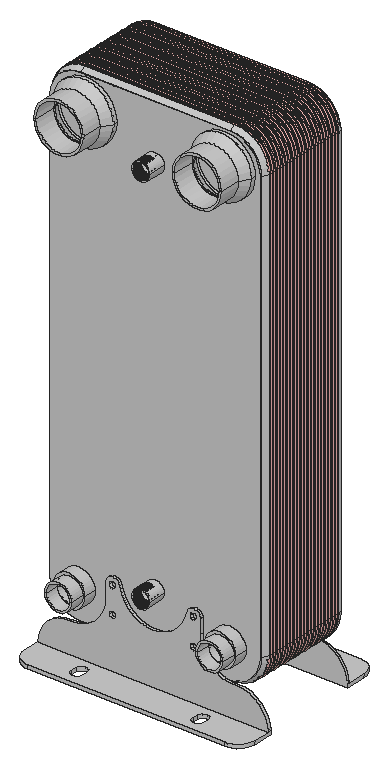
Revit family "MIT MB-11HDQ - Brazed Heat Exchanger", category Specialty Equipment, Revit 2022 (continued)
Forms (mm)
  Sweep 69, solid, material "Stainless Steel 304/316L (Copper Covered)", detail levels fine
    path in 3D
      loop
        arc (111, 135.89, 786.024) -> (146.355, 135.89, 771.38) -> (161, 135.89, 736.024) r 50
        line (161, 135.89, 736.024) -> (161, 135.89, 97.024)
        arc (161, 135.89, 97.024) -> (146.355, 135.89, 61.669) -> (111, 135.89, 47.024) r 50
        line (111, 135.89, 47.024) -> (-110.998, 135.89, 47.024)
        arc (-110.998, 135.89, 47.024) -> (-146.353, 135.89, 61.669) -> (-160.998, 135.89, 97.024) r 50
        line (-160.998, 135.89, 97.024) -> (-160.998, 135.89, 736.024)
        arc (-160.998, 135.89, 736.024) -> (-146.353, 135.89, 771.38) -> (-110.998, 135.89, 786.024) r 50
        line (-110.998, 135.89, 786.024) -> (111, 135.89, 786.024)
    profile origin (0.001, 135.89, 786.024) x (0, 1, 0) y (0, 0, 1)
      loop
        line (2.61, 0) -> (0, -0.46) -> (0, -1.46) -> (2.61, -1.46) -> (2.61, 0)
  Extrusion 70, solid, material "Stainless Steel 304/316L", detail levels medium+fine
    sketch origin (0, 0, 0) x (1, 0, 0) y (0, 0, 1)
      loop
        arc (159.54, 736.024) -> (145.323, 770.347) -> (111, 784.564) r 48.54
        line (111, 784.564) -> (-110.998, 784.564)
        arc (-110.998, 784.564) -> (-145.321, 770.347) -> (-159.538, 736.024) r 48.54
        line (-159.538, 736.024) -> (-159.538, 97.024)
        arc (-159.538, 97.024) -> (-145.321, 62.701) -> (-110.998, 48.485) r 48.54
        line (-110.998, 48.485) -> (111, 48.485)
        arc (111, 48.485) -> (145.323, 62.701) -> (159.54, 97.024) r 48.54
        line (159.54, 97.024) -> (159.54, 736.024)
    from -136.47 to -8
  Extrusion 71, solid, material "Stainless Steel 304/316L", detail levels medium+fine
    sketch origin (-170.23, 141.11, 4000) x (-1, 0, 0) y (0, 0, 1)
      loop
        arc (-282.691, -3215.436) -> (-317.014, -3229.653) -> (-331.23, -3263.976) r 48.54
        line (-331.23, -3263.976) -> (-331.23, -3902.976)
        arc (-331.23, -3902.976) -> (-316.586, -3938.331) -> (-281.23, -3952.976) r 50
        line (-281.23, -3952.976) -> (-59.233, -3952.976)
        arc (-59.233, -3952.976) -> (-23.877, -3938.331) -> (-9.233, -3902.976) r 50
        line (-9.233, -3902.976) -> (-9.233, -3263.976)
        arc (-9.233, -3263.976) -> (-23.45, -3229.653) -> (-57.772, -3215.436) r 48.54
        line (-57.772, -3215.436) -> (-282.691, -3215.436)
    from -2.61 to 0
  Extrusion 72, solid, material "Stainless Steel 304/316L (Copper Covered)", detail levels medium
    sketch origin (0, 0, 0) x (1, 0, 0) y (0, 0, 1)
      loop
        line (111, 786.024) -> (-110.998, 786.024)
        arc (-110.998, 786.024) -> (-146.353, 771.38) -> (-160.998, 736.024) r 50
        line (-160.998, 736.024) -> (-160.998, 97.024)
        arc (-160.998, 97.024) -> (-146.353, 61.669) -> (-110.998, 47.024) r 50
        line (-110.998, 47.024) -> (111, 47.024)
        arc (111, 47.024) -> (146.355, 61.669) -> (161, 97.024) r 50
        line (161, 97.024) -> (161, 736.024)
        arc (161, 736.024) -> (146.355, 771.38) -> (111, 786.024) r 50
    from -138.5 to -8
  Extrusion 73, solid, material "Stainless Steel 304/316L", detail levels medium+fine
    sketch origin (-170.23, 141.11, 4000) x (-1, 0, 0) y (0, 0, 1)
      loop
        arc (-293.388, -3950.09) -> (-327.029, -3962.191) -> (-341.23, -3995) r 45
        line (-341.23, -3995) -> (-341.23, -4000) -> (0.77, -4000) -> (0.77, -3995)
        arc (0.77, -3995) -> (-13.432, -3962.191) -> (-47.073, -3950.09) r 45
        arc (-47.073, -3950.09) -> (-84.451, -3936.644) -> (-100.23, -3900.19) r 50
        line (-100.23, -3900.19) -> (-100.23, -3880)
        arc (-100.23, -3880) -> (-109.205, -3870.053) -> (-120.02, -3877.96) r 10
        arc (-120.02, -3877.96) -> (-170.23, -3918.788) -> (-220.441, -3877.96) r 51.288
        arc (-220.441, -3877.96) -> (-231.256, -3870.053) -> (-240.23, -3880) r 10
        line (-240.23, -3880) -> (-240.23, -3900.19)
        arc (-240.23, -3900.19) -> (-256.01, -3936.644) -> (-293.388, -3950.09) r 50
      loop
        circle (-230.23, -3880) r 5
      loop
        circle (-230.23, -3920) r 5
      loop
        circle (-110.23, -3880) r 5
      loop
        circle (-110.23, -3920) r 5
    from 0 to 2
  Extrusion 74, solid, material "Stainless Steel 304/316L", detail levels medium+fine
    sketch origin (-170.23, 143.11, 4000) x (-1, 0, 0) y (0, 0, 1)
      loop
        line (-341.23, -4000) -> (0.77, -4000) -> (0.77, -3995) -> (-341.23, -3995) -> (-341.23, -4000)
    from 0 to 54
  Extrusion 75, void
    sketch origin (0, 0, 700.5) x (-1, 0, 0) y (0, -1, 0)
      loop
        line (171, -172.11) -> (171, -143.11) -> (-171, -143.11) -> (-171, -172.11)
        arc (-171, -172.11) -> (-163.678, -189.788) -> (-146, -197.11) r 25
        line (-146, -197.11) -> (146, -197.11)
        arc (146, -197.11) -> (163.678, -189.788) -> (171, -172.11) r 25
      loop
        line (98.5, -177.54) -> (98.5, -169.54)
        arc (98.5, -169.54) -> (90, -161.04) -> (81.5, -169.54) r 8.5
        line (81.5, -169.54) -> (81.5, -177.54)
        arc (81.5, -177.54) -> (90, -186.04) -> (98.5, -177.54) r 8.5
      loop
        line (-81.5, -177.54) -> (-81.5, -169.54)
        arc (-81.5, -169.54) -> (-90, -161.04) -> (-98.5, -169.54) r 8.5
        line (-98.5, -169.54) -> (-98.5, -177.54)
        arc (-98.5, -177.54) -> (-90, -186.04) -> (-81.5, -177.54) r 8.5
      loop
        line (184.732, -202.11) -> (184.732, -138.5) -> (-181.716, -138.5) -> (-181.716, -202.11) -> (184.732, -202.11)
    from -700.5 to -695.5
  Extrusion 76, solid, material "Stainless Steel 304/316L", detail levels coarse
    sketch origin (0, 0, 0) x (1, 0, 0) y (0, 0, 1)
      loop
        line (-160.998, 47.024) -> (161, 47.024) -> (161, 786.024) -> (-160.998, 786.024) -> (-160.998, 47.024)
    from 0 to -8
  Extrusion 77, solid, material "Stainless Steel 304/316L (Copper Covered)", detail levels coarse
    sketch origin (0, 0, 0) x (1, 0, 0) y (0, 0, 1)
      loop
        line (161, 786.024) -> (-160.998, 786.024) -> (-160.998, 47.024) -> (161, 47.024) -> (161, 786.024)
    from -8 to -141.11
  Extrusion 78, solid, material "Stainless Steel 304/316L", detail levels coarse
    sketch origin (0, 141.11, 0) x (-1, 0, 0) y (0, 0, 1)
      loop
        line (175.401, 0) -> (61.025, 129.947) -> (38.082, 97.181) -> (0, 81.212) -> (-38.082, 97.181) -> (-61.025, 129.947) -> (-175.401, 0) -> (175.401, 0)
    from 0 to 56
  Extrusion 79, solid, material "Stainless Steel 304/316L", detail levels coarse
    sketch origin (0, 0, 0) x (1, 0, 0) y (0, 0, 1)
      loop
        line (-131.713, 49.636) -> (-175.401, 0) -> (175.401, 0) -> (131.713, 49.636) -> (85.779, 63.356) -> (61.025, 129.947) -> (0, 81.212) -> (-61.025, 129.947) -> (-85.779, 63.356) -> (-131.713, 49.636)
    from 0 to 55
Cuts and joins
  joined: Sweep 2, Extrusion 3
  joined: Extrusion 10, Extrusion 11
  Extrusion 75 cuts Extrusion 74
  joined: Extrusion 73, Extrusion 74
Lines and regions (mm)
  sketch lines
    curve 1: line (-110.998, 8, 786.024) -> (111, 8, 786.024)
    curve 2: arc (-110.998, 8, 786.024) -> (-146.353, 8, 771.38) -> (-160.998, 8, 736.024) r 50
    curve 3: line (-160.998, 8, 97.024) -> (-160.998, 8, 736.024)
    curve 4: arc (161, 8, 736.024) -> (146.355, 8, 771.38) -> (111, 8, 786.024) r 50
    curve 5: line (161, 8, 736.024) -> (161, 8, 97.024)
    curve 6: arc (111, 8, 47.024) -> (146.355, 8, 61.669) -> (161, 8, 97.024) r 50
    curve 7: line (111, 8, 47.024) -> (-110.998, 8, 47.024)
    curve 8: arc (-160.998, 8, 97.024) -> (-146.353, 8, 61.669) -> (-110.998, 8, 47.024) r 50
    curve 9: line (-110.998, 8, 786.024) -> (111, 8, 786.024)
    curve 10: arc (-110.998, 8, 786.024) -> (-146.353, 8, 771.38) -> (-160.998, 8, 736.024) r 50
    curve 11: arc (161, 8, 736.024) -> (146.355, 8, 771.38) -> (111, 8, 786.024) r 50
    curve 12: line (161, 8, 736.024) -> (161, 8, 97.024)
    curve 13: line (-160.998, 8, 97.024) -> (-160.998, 8, 736.024)
    curve 14: arc (-160.998, 8, 97.024) -> (-146.353, 8, 61.669) -> (-110.998, 8, 47.024) r 50
    curve 15: line (111, 8, 47.024) -> (-110.998, 8, 47.024)
    curve 16: arc (111, 8, 47.024) -> (146.355, 8, 61.669) -> (161, 8, 97.024) r 50
    curve 17: line (-110.998, 10.61, 786.024) -> (111, 10.61, 786.024)
    curve 18: arc (-110.998, 10.61, 786.024) -> (-146.353, 10.61, 771.38) -> (-160.998, 10.61, 736.024) r 50
    curve 19: arc (161, 10.61, 736.024) -> (146.355, 10.61, 771.38) -> (111, 10.61, 786.024) r 50
    curve 20: line (161, 10.61, 736.024) -> (161, 10.61, 97.024)
    curve 21: line (-160.998, 10.61, 97.024) -> (-160.998, 10.61, 736.024)
    curve 22: arc (-160.998, 10.61, 97.024) -> (-146.353, 10.61, 61.669) -> (-110.998, 10.61, 47.024) r 50
    curve 23: line (111, 10.61, 47.024) -> (-110.998, 10.61, 47.024)
    curve 24: arc (111, 10.61, 47.024) -> (146.355, 10.61, 61.669) -> (161, 10.61, 97.024) r 50
    curve 25: line (-110.998, 13.22, 786.024) -> (111, 13.22, 786.024)
    curve 26: arc (-110.998, 13.22, 786.024) -> (-146.353, 13.22, 771.38) -> (-160.998, 13.22, 736.024) r 50
    curve 27: arc (161, 13.22, 736.024) -> (146.355, 13.22, 771.38) -> (111, 13.22, 786.024) r 50
    curve 28: line (161, 13.22, 736.024) -> (161, 13.22, 97.024)
    curve 29: line (-160.998, 13.22, 97.024) -> (-160.998, 13.22, 736.024)
    curve 30: arc (-160.998, 13.22, 97.024) -> (-146.353, 13.22, 61.669) -> (-110.998, 13.22, 47.024) r 50
    curve 31: line (111, 13.22, 47.024) -> (-110.998, 13.22, 47.024)
    curve 32: arc (111, 13.22, 47.024) -> (146.355, 13.22, 61.669) -> (161, 13.22, 97.024) r 50
    curve 33: line (-110.998, 15.83, 786.024) -> (111, 15.83, 786.024)
    curve 34: arc (-110.998, 15.83, 786.024) -> (-146.353, 15.83, 771.38) -> (-160.998, 15.83, 736.024) r 50
    curve 35: arc (161, 15.83, 736.024) -> (146.355, 15.83, 771.38) -> (111, 15.83, 786.024) r 50
    curve 36: line (161, 15.83, 736.024) -> (161, 15.83, 97.024)
    curve 37: line (-160.998, 15.83, 97.024) -> (-160.998, 15.83, 736.024)
    curve 38: arc (-160.998, 15.83, 97.024) -> (-146.353, 15.83, 61.669) -> (-110.998, 15.83, 47.024) r 50
    curve 39: line (111, 15.83, 47.024) -> (-110.998, 15.83, 47.024)
    curve 40: arc (111, 15.83, 47.024) -> (146.355, 15.83, 61.669) -> (161, 15.83, 97.024) r 50
    curve 41: line (-110.998, 18.44, 786.024) -> (111, 18.44, 786.024)
    curve 42: arc (-110.998, 18.44, 786.024) -> (-146.353, 18.44, 771.38) -> (-160.998, 18.44, 736.024) r 50
    curve 43: arc (161, 18.44, 736.024) -> (146.355, 18.44, 771.38) -> (111, 18.44, 786.024) r 50
    curve 44: line (161, 18.44, 736.024) -> (161, 18.44, 97.024)
    curve 45: line (-160.998, 18.44, 97.024) -> (-160.998, 18.44, 736.024)
    curve 46: arc (-160.998, 18.44, 97.024) -> (-146.353, 18.44, 61.669) -> (-110.998, 18.44, 47.024) r 50
    curve 47: line (111, 18.44, 47.024) -> (-110.998, 18.44, 47.024)
    curve 48: arc (111, 18.44, 47.024) -> (146.355, 18.44, 61.669) -> (161, 18.44, 97.024) r 50
    curve 49: line (-110.998, 21.05, 786.024) -> (111, 21.05, 786.024)
    curve 50: arc (-110.998, 21.05, 786.024) -> (-146.353, 21.05, 771.38) -> (-160.998, 21.05, 736.024) r 50
    curve 51: arc (161, 21.05, 736.024) -> (146.355, 21.05, 771.38) -> (111, 21.05, 786.024) r 50
    curve 52: line (161, 21.05, 736.024) -> (161, 21.05, 97.024)
    curve 53: line (-160.998, 21.05, 97.024) -> (-160.998, 21.05, 736.024)
    curve 54: arc (-160.998, 21.05, 97.024) -> (-146.353, 21.05, 61.669) -> (-110.998, 21.05, 47.024) r 50
    curve 55: line (111, 21.05, 47.024) -> (-110.998, 21.05, 47.024)
    curve 56: arc (111, 21.05, 47.024) -> (146.355, 21.05, 61.669) -> (161, 21.05, 97.024) r 50
    curve 57: line (-110.998, 23.66, 786.024) -> (111, 23.66, 786.024)
    curve 58: arc (-110.998, 23.66, 786.024) -> (-146.353, 23.66, 771.38) -> (-160.998, 23.66, 736.024) r 50
    curve 59: arc (161, 23.66, 736.024) -> (146.355, 23.66, 771.38) -> (111, 23.66, 786.024) r 50
    curve 60: line (161, 23.66, 736.024) -> (161, 23.66, 97.024)
    curve 61: line (-160.998, 23.66, 97.024) -> (-160.998, 23.66, 736.024)
    curve 62: arc (-160.998, 23.66, 97.024) -> (-146.353, 23.66, 61.669) -> (-110.998, 23.66, 47.024) r 50
    curve 63: line (111, 23.66, 47.024) -> (-110.998, 23.66, 47.024)
    curve 64: arc (111, 23.66, 47.024) -> (146.355, 23.66, 61.669) -> (161, 23.66, 97.024) r 50
    curve 65: line (-110.998, 26.27, 786.024) -> (111, 26.27, 786.024)
    curve 66: arc (-110.998, 26.27, 786.024) -> (-146.353, 26.27, 771.38) -> (-160.998, 26.27, 736.024) r 50
    curve 67: arc (161, 26.27, 736.024) -> (146.355, 26.27, 771.38) -> (111, 26.27, 786.024) r 50
    curve 68: line (161, 26.27, 736.024) -> (161, 26.27, 97.024)
    curve 69: line (-160.998, 26.27, 97.024) -> (-160.998, 26.27, 736.024)
    curve 70: arc (-160.998, 26.27, 97.024) -> (-146.353, 26.27, 61.669) -> (-110.998, 26.27, 47.024) r 50
    curve 71: line (111, 26.27, 47.024) -> (-110.998, 26.27, 47.024)
    curve 72: arc (111, 26.27, 47.024) -> (146.355, 26.27, 61.669) -> (161, 26.27, 97.024) r 50
    curve 73: line (-110.998, 28.88, 786.024) -> (111, 28.88, 786.024)
    curve 74: arc (-110.998, 28.88, 786.024) -> (-146.353, 28.88, 771.38) -> (-160.998, 28.88, 736.024) r 50
    curve 75: arc (161, 28.88, 736.024) -> (146.355, 28.88, 771.38) -> (111, 28.88, 786.024) r 50
    curve 76: line (161, 28.88, 736.024) -> (161, 28.88, 97.024)
    curve 77: line (-160.998, 28.88, 97.024) -> (-160.998, 28.88, 736.024)
    curve 78: arc (-160.998, 28.88, 97.024) -> (-146.353, 28.88, 61.669) -> (-110.998, 28.88, 47.024) r 50
    curve 79: line (111, 28.88, 47.024) -> (-110.998, 28.88, 47.024)
    curve 80: arc (111, 28.88, 47.024) -> (146.355, 28.88, 61.669) -> (161, 28.88, 97.024) r 50
    curve 81: line (-110.998, 31.49, 786.024) -> (111, 31.49, 786.024)
    curve 82: arc (-110.998, 31.49, 786.024) -> (-146.353, 31.49, 771.38) -> (-160.998, 31.49, 736.024) r 50
    curve 83: arc (161, 31.49, 736.024) -> (146.355, 31.49, 771.38) -> (111, 31.49, 786.024) r 50
    curve 84: line (161, 31.49, 736.024) -> (161, 31.49, 97.024)
    curve 85: line (-160.998, 31.49, 97.024) -> (-160.998, 31.49, 736.024)
    curve 86: arc (-160.998, 31.49, 97.024) -> (-146.353, 31.49, 61.669) -> (-110.998, 31.49, 47.024) r 50
    curve 87: line (111, 31.49, 47.024) -> (-110.998, 31.49, 47.024)
    curve 88: arc (111, 31.49, 47.024) -> (146.355, 31.49, 61.669) -> (161, 31.49, 97.024) r 50
    curve 89: line (-110.998, 34.1, 786.024) -> (111, 34.1, 786.024)
    curve 90: arc (-110.998, 34.1, 786.024) -> (-146.353, 34.1, 771.38) -> (-160.998, 34.1, 736.024) r 50
    curve 91: arc (161, 34.1, 736.024) -> (146.355, 34.1, 771.38) -> (111, 34.1, 786.024) r 50
    curve 92: line (161, 34.1, 736.024) -> (161, 34.1, 97.024)
    curve 93: line (-160.998, 34.1, 97.024) -> (-160.998, 34.1, 736.024)
    curve 94: arc (-160.998, 34.1, 97.024) -> (-146.353, 34.1, 61.669) -> (-110.998, 34.1, 47.024) r 50
    curve 95: line (111, 34.1, 47.024) -> (-110.998, 34.1, 47.024)
    curve 96: arc (111, 34.1, 47.024) -> (146.355, 34.1, 61.669) -> (161, 34.1, 97.024) r 50
    curve 97: line (-110.998, 36.71, 786.024) -> (111, 36.71, 786.024)
    curve 98: arc (-110.998, 36.71, 786.024) -> (-146.353, 36.71, 771.38) -> (-160.998, 36.71, 736.024) r 50
    curve 99: arc (161, 36.71, 736.024) -> (146.355, 36.71, 771.38) -> (111, 36.71, 786.024) r 50
    curve 100: line (161, 36.71, 736.024) -> (161, 36.71, 97.024)
    curve 101: line (-160.998, 36.71, 97.024) -> (-160.998, 36.71, 736.024)
    curve 102: arc (-160.998, 36.71, 97.024) -> (-146.353, 36.71, 61.669) -> (-110.998, 36.71, 47.024) r 50
    curve 103: line (111, 36.71, 47.024) -> (-110.998, 36.71, 47.024)
    curve 104: arc (111, 36.71, 47.024) -> (146.355, 36.71, 61.669) -> (161, 36.71, 97.024) r 50
    curve 105: line (-110.998, 39.32, 786.024) -> (111, 39.32, 786.024)
    curve 106: arc (-110.998, 39.32, 786.024) -> (-146.353, 39.32, 771.38) -> (-160.998, 39.32, 736.024) r 50
    curve 107: arc (161, 39.32, 736.024) -> (146.355, 39.32, 771.38) -> (111, 39.32, 786.024) r 50
    curve 108: line (161, 39.32, 736.024) -> (161, 39.32, 97.024)
    curve 109: line (-160.998, 39.32, 97.024) -> (-160.998, 39.32, 736.024)
    curve 110: arc (-160.998, 39.32, 97.024) -> (-146.353, 39.32, 61.669) -> (-110.998, 39.32, 47.024) r 50
    curve 111: line (111, 39.32, 47.024) -> (-110.998, 39.32, 47.024)
    curve 112: arc (111, 39.32, 47.024) -> (146.355, 39.32, 61.669) -> (161, 39.32, 97.024) r 50
    curve 113: line (-110.998, 41.93, 786.024) -> (111, 41.93, 786.024)
    curve 114: arc (-110.998, 41.93, 786.024) -> (-146.353, 41.93, 771.38) -> (-160.998, 41.93, 736.024) r 50
    curve 115: arc (161, 41.93, 736.024) -> (146.355, 41.93, 771.38) -> (111, 41.93, 786.024) r 50
    curve 116: line (161, 41.93, 736.024) -> (161, 41.93, 97.024)
    curve 117: line (-160.998, 41.93, 97.024) -> (-160.998, 41.93, 736.024)
    curve 118: arc (-160.998, 41.93, 97.024) -> (-146.353, 41.93, 61.669) -> (-110.998, 41.93, 47.024) r 50
    curve 119: line (111, 41.93, 47.024) -> (-110.998, 41.93, 47.024)
    curve 120: arc (111, 41.93, 47.024) -> (146.355, 41.93, 61.669) -> (161, 41.93, 97.024) r 50
    curve 121: line (-110.998, 44.54, 786.024) -> (111, 44.54, 786.024)
    curve 122: arc (-110.998, 44.54, 786.024) -> (-146.353, 44.54, 771.38) -> (-160.998, 44.54, 736.024) r 50
    curve 123: arc (161, 44.54, 736.024) -> (146.355, 44.54, 771.38) -> (111, 44.54, 786.024) r 50
    curve 124: line (161, 44.54, 736.024) -> (161, 44.54, 97.024)
    curve 125: line (-160.998, 44.54, 97.024) -> (-160.998, 44.54, 736.024)
    curve 126: arc (-160.998, 44.54, 97.024) -> (-146.353, 44.54, 61.669) -> (-110.998, 44.54, 47.024) r 50
    curve 127: line (111, 44.54, 47.024) -> (-110.998, 44.54, 47.024)
    curve 128: arc (111, 44.54, 47.024) -> (146.355, 44.54, 61.669) -> (161, 44.54, 97.024) r 50
    curve 129: line (-110.998, 47.15, 786.024) -> (111, 47.15, 786.024)
    curve 130: arc (-110.998, 47.15, 786.024) -> (-146.353, 47.15, 771.38) -> (-160.998, 47.15, 736.024) r 50
    curve 131: arc (161, 47.15, 736.024) -> (146.355, 47.15, 771.38) -> (111, 47.15, 786.024) r 50
    curve 132: line (161, 47.15, 736.024) -> (161, 47.15, 97.024)
    curve 133: line (-160.998, 47.15, 97.024) -> (-160.998, 47.15, 736.024)
    curve 134: arc (-160.998, 47.15, 97.024) -> (-146.353, 47.15, 61.669) -> (-110.998, 47.15, 47.024) r 50
    curve 135: line (111, 47.15, 47.024) -> (-110.998, 47.15, 47.024)
    curve 136: arc (111, 47.15, 47.024) -> (146.355, 47.15, 61.669) -> (161, 47.15, 97.024) r 50
    curve 137: line (-110.998, 49.76, 786.024) -> (111, 49.76, 786.024)
    curve 138: arc (-110.998, 49.76, 786.024) -> (-146.353, 49.76, 771.38) -> (-160.998, 49.76, 736.024) r 50
    curve 139: arc (161, 49.76, 736.024) -> (146.355, 49.76, 771.38) -> (111, 49.76, 786.024) r 50
    curve 140: line (161, 49.76, 736.024) -> (161, 49.76, 97.024)
    curve 141: line (-160.998, 49.76, 97.024) -> (-160.998, 49.76, 736.024)
    curve 142: arc (-160.998, 49.76, 97.024) -> (-146.353, 49.76, 61.669) -> (-110.998, 49.76, 47.024) r 50
    curve 143: line (111, 49.76, 47.024) -> (-110.998, 49.76, 47.024)
    curve 144: arc (111, 49.76, 47.024) -> (146.355, 49.76, 61.669) -> (161, 49.76, 97.024) r 50
    curve 145: line (-110.998, 52.37, 786.024) -> (111, 52.37, 786.024)
    curve 146: arc (-110.998, 52.37, 786.024) -> (-146.353, 52.37, 771.38) -> (-160.998, 52.37, 736.024) r 50
    curve 147: arc (161, 52.37, 736.024) -> (146.355, 52.37, 771.38) -> (111, 52.37, 786.024) r 50
    curve 148: line (161, 52.37, 736.024) -> (161, 52.37, 97.024)
    curve 149: line (-160.998, 52.37, 97.024) -> (-160.998, 52.37, 736.024)
    curve 150: arc (-160.998, 52.37, 97.024) -> (-146.353, 52.37, 61.669) -> (-110.998, 52.37, 47.024) r 50
    curve 151: line (111, 52.37, 47.024) -> (-110.998, 52.37, 47.024)
    curve 152: arc (111, 52.37, 47.024) -> (146.355, 52.37, 61.669) -> (161, 52.37, 97.024) r 50
    curve 153: line (-110.998, 54.98, 786.024) -> (111, 54.98, 786.024)
    curve 154: arc (-110.998, 54.98, 786.024) -> (-146.353, 54.98, 771.38) -> (-160.998, 54.98, 736.024) r 50
    curve 155: arc (161, 54.98, 736.024) -> (146.355, 54.98, 771.38) -> (111, 54.98, 786.024) r 50
    curve 156: line (161, 54.98, 736.024) -> (161, 54.98, 97.024)
    curve 157: line (-160.998, 54.98, 97.024) -> (-160.998, 54.98, 736.024)
    curve 158: arc (-160.998, 54.98, 97.024) -> (-146.353, 54.98, 61.669) -> (-110.998, 54.98, 47.024) r 50
    curve 159: line (111, 54.98, 47.024) -> (-110.998, 54.98, 47.024)
    curve 160: arc (111, 54.98, 47.024) -> (146.355, 54.98, 61.669) -> (161, 54.98, 97.024) r 50
    curve 161: line (-110.998, 57.59, 786.024) -> (111, 57.59, 786.024)
    curve 162: arc (-110.998, 57.59, 786.024) -> (-146.353, 57.59, 771.38) -> (-160.998, 57.59, 736.024) r 50
    curve 163: arc (161, 57.59, 736.024) -> (146.355, 57.59, 771.38) -> (111, 57.59, 786.024) r 50
    curve 164: line (161, 57.59, 736.024) -> (161, 57.59, 97.024)
    curve 165: line (-160.998, 57.59, 97.024) -> (-160.998, 57.59, 736.024)
    curve 166: arc (-160.998, 57.59, 97.024) -> (-146.353, 57.59, 61.669) -> (-110.998, 57.59, 47.024) r 50
    curve 167: line (111, 57.59, 47.024) -> (-110.998, 57.59, 47.024)
    curve 168: arc (111, 57.59, 47.024) -> (146.355, 57.59, 61.669) -> (161, 57.59, 97.024) r 50
    curve 169: line (-110.998, 60.2, 786.024) -> (111, 60.2, 786.024)
    curve 170: arc (-110.998, 60.2, 786.024) -> (-146.353, 60.2, 771.38) -> (-160.998, 60.2, 736.024) r 50
    curve 171: arc (161, 60.2, 736.024) -> (146.355, 60.2, 771.38) -> (111, 60.2, 786.024) r 50
    curve 172: line (161, 60.2, 736.024) -> (161, 60.2, 97.024)
    curve 173: line (-160.998, 60.2, 97.024) -> (-160.998, 60.2, 736.024)
    curve 174: arc (-160.998, 60.2, 97.024) -> (-146.353, 60.2, 61.669) -> (-110.998, 60.2, 47.024) r 50
    curve 175: line (111, 60.2, 47.024) -> (-110.998, 60.2, 47.024)
    curve 176: arc (111, 60.2, 47.024) -> (146.355, 60.2, 61.669) -> (161, 60.2, 97.024) r 50
    curve 177: line (-110.998, 62.81, 786.024) -> (111, 62.81, 786.024)
    curve 178: arc (-110.998, 62.81, 786.024) -> (-146.353, 62.81, 771.38) -> (-160.998, 62.81, 736.024) r 50
    curve 179: arc (161, 62.81, 736.024) -> (146.355, 62.81, 771.38) -> (111, 62.81, 786.024) r 50
    curve 180: line (161, 62.81, 736.024) -> (161, 62.81, 97.024)
    curve 181: line (-160.998, 62.81, 97.024) -> (-160.998, 62.81, 736.024)
    curve 182: arc (-160.998, 62.81, 97.024) -> (-146.353, 62.81, 61.669) -> (-110.998, 62.81, 47.024) r 50
    curve 183: line (111, 62.81, 47.024) -> (-110.998, 62.81, 47.024)
    curve 184: arc (111, 62.81, 47.024) -> (146.355, 62.81, 61.669) -> (161, 62.81, 97.024) r 50
    curve 185: line (-110.998, 65.42, 786.024) -> (111, 65.42, 786.024)
    curve 186: arc (-110.998, 65.42, 786.024) -> (-146.353, 65.42, 771.38) -> (-160.998, 65.42, 736.024) r 50
    curve 187: arc (161, 65.42, 736.024) -> (146.355, 65.42, 771.38) -> (111, 65.42, 786.024) r 50
    curve 188: line (161, 65.42, 736.024) -> (161, 65.42, 97.024)
    curve 189: line (-160.998, 65.42, 97.024) -> (-160.998, 65.42, 736.024)
    curve 190: arc (-160.998, 65.42, 97.024) -> (-146.353, 65.42, 61.669) -> (-110.998, 65.42, 47.024) r 50
    curve 191: line (111, 65.42, 47.024) -> (-110.998, 65.42, 47.024)
    curve 192: arc (111, 65.42, 47.024) -> (146.355, 65.42, 61.669) -> (161, 65.42, 97.024) r 50
    curve 193: line (-110.998, 68.03, 786.024) -> (111, 68.03, 786.024)
    curve 194: arc (-110.998, 68.03, 786.024) -> (-146.353, 68.03, 771.38) -> (-160.998, 68.03, 736.024) r 50
    curve 195: arc (161, 68.03, 736.024) -> (146.355, 68.03, 771.38) -> (111, 68.03, 786.024) r 50
    curve 196: line (161, 68.03, 736.024) -> (161, 68.03, 97.024)
    curve 197: line (-160.998, 68.03, 97.024) -> (-160.998, 68.03, 736.024)
    curve 198: arc (-160.998, 68.03, 97.024) -> (-146.353, 68.03, 61.669) -> (-110.998, 68.03, 47.024) r 50
    curve 199: line (111, 68.03, 47.024) -> (-110.998, 68.03, 47.024)
    curve 200: arc (111, 68.03, 47.024) -> (146.355, 68.03, 61.669) -> (161, 68.03, 97.024) r 50
    curve 201: line (-110.998, 70.64, 786.024) -> (111, 70.64, 786.024)
    curve 202: arc (-110.998, 70.64, 786.024) -> (-146.353, 70.64, 771.38) -> (-160.998, 70.64, 736.024) r 50
    curve 203: arc (161, 70.64, 736.024) -> (146.355, 70.64, 771.38) -> (111, 70.64, 786.024) r 50
    curve 204: line (161, 70.64, 736.024) -> (161, 70.64, 97.024)
    curve 205: line (-160.998, 70.64, 97.024) -> (-160.998, 70.64, 736.024)
    curve 206: arc (-160.998, 70.64, 97.024) -> (-146.353, 70.64, 61.669) -> (-110.998, 70.64, 47.024) r 50
    curve 207: line (111, 70.64, 47.024) -> (-110.998, 70.64, 47.024)
    curve 208: arc (111, 70.64, 47.024) -> (146.355, 70.64, 61.669) -> (161, 70.64, 97.024) r 50
    curve 209: line (-110.998, 73.25, 786.024) -> (111, 73.25, 786.024)
    curve 210: arc (-110.998, 73.25, 786.024) -> (-146.353, 73.25, 771.38) -> (-160.998, 73.25, 736.024) r 50
    curve 211: arc (161, 73.25, 736.024) -> (146.355, 73.25, 771.38) -> (111, 73.25, 786.024) r 50
    curve 212: line (161, 73.25, 736.024) -> (161, 73.25, 97.024)
    curve 213: line (-160.998, 73.25, 97.024) -> (-160.998, 73.25, 736.024)
    curve 214: arc (-160.998, 73.25, 97.024) -> (-146.353, 73.25, 61.669) -> (-110.998, 73.25, 47.024) r 50
    curve 215: line (111, 73.25, 47.024) -> (-110.998, 73.25, 47.024)
    curve 216: arc (111, 73.25, 47.024) -> (146.355, 73.25, 61.669) -> (161, 73.25, 97.024) r 50
    curve 217: line (-110.998, 75.86, 786.024) -> (111, 75.86, 786.024)
    curve 218: arc (-110.998, 75.86, 786.024) -> (-146.353, 75.86, 771.38) -> (-160.998, 75.86, 736.024) r 50
    curve 219: arc (161, 75.86, 736.024) -> (146.355, 75.86, 771.38) -> (111, 75.86, 786.024) r 50
    curve 220: line (161, 75.86, 736.024) -> (161, 75.86, 97.024)
    curve 221: line (-160.998, 75.86, 97.024) -> (-160.998, 75.86, 736.024)
    curve 222: arc (-160.998, 75.86, 97.024) -> (-146.353, 75.86, 61.669) -> (-110.998, 75.86, 47.024) r 50
    curve 223: line (111, 75.86, 47.024) -> (-110.998, 75.86, 47.024)
    curve 224: arc (111, 75.86, 47.024) -> (146.355, 75.86, 61.669) -> (161, 75.86, 97.024) r 50
    curve 225: line (-110.998, 78.47, 786.024) -> (111, 78.47, 786.024)
    curve 226: arc (-110.998, 78.47, 786.024) -> (-146.353, 78.47, 771.38) -> (-160.998, 78.47, 736.024) r 50
    curve 227: arc (161, 78.47, 736.024) -> (146.355, 78.47, 771.38) -> (111, 78.47, 786.024) r 50
    curve 228: line (161, 78.47, 736.024) -> (161, 78.47, 97.024)
    curve 229: line (-160.998, 78.47, 97.024) -> (-160.998, 78.47, 736.024)
    curve 230: arc (-160.998, 78.47, 97.024) -> (-146.353, 78.47, 61.669) -> (-110.998, 78.47, 47.024) r 50
    curve 231: line (111, 78.47, 47.024) -> (-110.998, 78.47, 47.024)
    curve 232: arc (111, 78.47, 47.024) -> (146.355, 78.47, 61.669) -> (161, 78.47, 97.024) r 50
    curve 233: line (-110.998, 81.08, 786.024) -> (111, 81.08, 786.024)
    curve 234: arc (-110.998, 81.08, 786.024) -> (-146.353, 81.08, 771.38) -> (-160.998, 81.08, 736.024) r 50
    curve 235: arc (161, 81.08, 736.024) -> (146.355, 81.08, 771.38) -> (111, 81.08, 786.024) r 50
    curve 236: line (161, 81.08, 736.024) -> (161, 81.08, 97.024)
    curve 237: line (-160.998, 81.08, 97.024) -> (-160.998, 81.08, 736.024)
    curve 238: arc (-160.998, 81.08, 97.024) -> (-146.353, 81.08, 61.669) -> (-110.998, 81.08, 47.024) r 50
    curve 239: line (111, 81.08, 47.024) -> (-110.998, 81.08, 47.024)
    curve 240: arc (111, 81.08, 47.024) -> (146.355, 81.08, 61.669) -> (161, 81.08, 97.024) r 50
    curve 241: line (-110.998, 83.69, 786.024) -> (111, 83.69, 786.024)
    curve 242: arc (-110.998, 83.69, 786.024) -> (-146.353, 83.69, 771.38) -> (-160.998, 83.69, 736.024) r 50
    curve 243: arc (161, 83.69, 736.024) -> (146.355, 83.69, 771.38) -> (111, 83.69, 786.024) r 50
    curve 244: line (161, 83.69, 736.024) -> (161, 83.69, 97.024)
    curve 245: line (-160.998, 83.69, 97.024) -> (-160.998, 83.69, 736.024)
    curve 246: arc (-160.998, 83.69, 97.024) -> (-146.353, 83.69, 61.669) -> (-110.998, 83.69, 47.024) r 50
    curve 247: line (111, 83.69, 47.024) -> (-110.998, 83.69, 47.024)
    curve 248: arc (111, 83.69, 47.024) -> (146.355, 83.69, 61.669) -> (161, 83.69, 97.024) r 50
    curve 249: line (-110.998, 86.3, 786.024) -> (111, 86.3, 786.024)
    curve 250: arc (-110.998, 86.3, 786.024) -> (-146.353, 86.3, 771.38) -> (-160.998, 86.3, 736.024) r 50
    curve 251: arc (161, 86.3, 736.024) -> (146.355, 86.3, 771.38) -> (111, 86.3, 786.024) r 50
    curve 252: line (161, 86.3, 736.024) -> (161, 86.3, 97.024)
    curve 253: line (-160.998, 86.3, 97.024) -> (-160.998, 86.3, 736.024)
    curve 254: arc (-160.998, 86.3, 97.024) -> (-146.353, 86.3, 61.669) -> (-110.998, 86.3, 47.024) r 50
    curve 255: line (111, 86.3, 47.024) -> (-110.998, 86.3, 47.024)
    curve 256: arc (111, 86.3, 47.024) -> (146.355, 86.3, 61.669) -> (161, 86.3, 97.024) r 50
    curve 257: line (-110.998, 88.91, 786.024) -> (111, 88.91, 786.024)
    curve 258: arc (-110.998, 88.91, 786.024) -> (-146.353, 88.91, 771.38) -> (-160.998, 88.91, 736.024) r 50
    curve 259: arc (161, 88.91, 736.024) -> (146.355, 88.91, 771.38) -> (111, 88.91, 786.024) r 50
    curve 260: line (161, 88.91, 736.024) -> (161, 88.91, 97.024)
    curve 261: line (-160.998, 88.91, 97.024) -> (-160.998, 88.91, 736.024)
    curve 262: arc (-160.998, 88.91, 97.024) -> (-146.353, 88.91, 61.669) -> (-110.998, 88.91, 47.024) r 50
    curve 263: line (111, 88.91, 47.024) -> (-110.998, 88.91, 47.024)
    curve 264: arc (111, 88.91, 47.024) -> (146.355, 88.91, 61.669) -> (161, 88.91, 97.024) r 50
    curve 265: line (-110.998, 91.52, 786.024) -> (111, 91.52, 786.024)
    curve 266: arc (-110.998, 91.52, 786.024) -> (-146.353, 91.52, 771.38) -> (-160.998, 91.52, 736.024) r 50
    curve 267: arc (161, 91.52, 736.024) -> (146.355, 91.52, 771.38) -> (111, 91.52, 786.024) r 50
    curve 268: line (161, 91.52, 736.024) -> (161, 91.52, 97.024)
    curve 269: line (-160.998, 91.52, 97.024) -> (-160.998, 91.52, 736.024)
    curve 270: arc (-160.998, 91.52, 97.024) -> (-146.353, 91.52, 61.669) -> (-110.998, 91.52, 47.024) r 50
    curve 271: line (111, 91.52, 47.024) -> (-110.998, 91.52, 47.024)
    curve 272: arc (111, 91.52, 47.024) -> (146.355, 91.52, 61.669) -> (161, 91.52, 97.024) r 50
    curve 273: line (-110.998, 94.13, 786.024) -> (111, 94.13, 786.024)
    curve 274: arc (-110.998, 94.13, 786.024) -> (-146.353, 94.13, 771.38) -> (-160.998, 94.13, 736.024) r 50
    curve 275: arc (161, 94.13, 736.024) -> (146.355, 94.13, 771.38) -> (111, 94.13, 786.024) r 50
    curve 276: line (161, 94.13, 736.024) -> (161, 94.13, 97.024)
    curve 277: line (-160.998, 94.13, 97.024) -> (-160.998, 94.13, 736.024)
    curve 278: arc (-160.998, 94.13, 97.024) -> (-146.353, 94.13, 61.669) -> (-110.998, 94.13, 47.024) r 50
    curve 279: line (111, 94.13, 47.024) -> (-110.998, 94.13, 47.024)
    curve 280: arc (111, 94.13, 47.024) -> (146.355, 94.13, 61.669) -> (161, 94.13, 97.024) r 50
    curve 281: line (-110.998, 96.74, 786.024) -> (111, 96.74, 786.024)
    curve 282: arc (-110.998, 96.74, 786.024) -> (-146.353, 96.74, 771.38) -> (-160.998, 96.74, 736.024) r 50
    curve 283: arc (161, 96.74, 736.024) -> (146.355, 96.74, 771.38) -> (111, 96.74, 786.024) r 50
    curve 284: line (161, 96.74, 736.024) -> (161, 96.74, 97.024)
    curve 285: line (-160.998, 96.74, 97.024) -> (-160.998, 96.74, 736.024)
    curve 286: arc (-160.998, 96.74, 97.024) -> (-146.353, 96.74, 61.669) -> (-110.998, 96.74, 47.024) r 50
    curve 287: line (111, 96.74, 47.024) -> (-110.998, 96.74, 47.024)
    curve 288: arc (111, 96.74, 47.024) -> (146.355, 96.74, 61.669) -> (161, 96.74, 97.024) r 50
    curve 289: line (-110.998, 99.35, 786.024) -> (111, 99.35, 786.024)
    curve 290: arc (-110.998, 99.35, 786.024) -> (-146.353, 99.35, 771.38) -> (-160.998, 99.35, 736.024) r 50
    curve 291: arc (161, 99.35, 736.024) -> (146.355, 99.35, 771.38) -> (111, 99.35, 786.024) r 50
    curve 292: line (161, 99.35, 736.024) -> (161, 99.35, 97.024)
    curve 293: line (-160.998, 99.35, 97.024) -> (-160.998, 99.35, 736.024)
    curve 294: arc (-160.998, 99.35, 97.024) -> (-146.353, 99.35, 61.669) -> (-110.998, 99.35, 47.024) r 50
    curve 295: line (111, 99.35, 47.024) -> (-110.998, 99.35, 47.024)
    curve 296: arc (111, 99.35, 47.024) -> (146.355, 99.35, 61.669) -> (161, 99.35, 97.024) r 50
    curve 297: line (-110.998, 101.96, 786.024) -> (111, 101.96, 786.024)
    curve 298: arc (-110.998, 101.96, 786.024) -> (-146.353, 101.96, 771.38) -> (-160.998, 101.96, 736.024) r 50
    curve 299: arc (161, 101.96, 736.024) -> (146.355, 101.96, 771.38) -> (111, 101.96, 786.024) r 50
    curve 300: line (161, 101.96, 736.024) -> (161, 101.96, 97.024)
    curve 301: line (-160.998, 101.96, 97.024) -> (-160.998, 101.96, 736.024)
    curve 302: arc (-160.998, 101.96, 97.024) -> (-146.353, 101.96, 61.669) -> (-110.998, 101.96, 47.024) r 50
    curve 303: line (111, 101.96, 47.024) -> (-110.998, 101.96, 47.024)
    curve 304: arc (111, 101.96, 47.024) -> (146.355, 101.96, 61.669) -> (161, 101.96, 97.024) r 50
    curve 305: line (-110.998, 104.57, 786.024) -> (111, 104.57, 786.024)
    curve 306: arc (-110.998, 104.57, 786.024) -> (-146.353, 104.57, 771.38) -> (-160.998, 104.57, 736.024) r 50
    curve 307: arc (161, 104.57, 736.024) -> (146.355, 104.57, 771.38) -> (111, 104.57, 786.024) r 50
    curve 308: line (161, 104.57, 736.024) -> (161, 104.57, 97.024)
    curve 309: line (-160.998, 104.57, 97.024) -> (-160.998, 104.57, 736.024)
    curve 310: arc (-160.998, 104.57, 97.024) -> (-146.353, 104.57, 61.669) -> (-110.998, 104.57, 47.024) r 50
    curve 311: line (111, 104.57, 47.024) -> (-110.998, 104.57, 47.024)
    curve 312: arc (111, 104.57, 47.024) -> (146.355, 104.57, 61.669) -> (161, 104.57, 97.024) r 50
    curve 313: line (-110.998, 107.18, 786.024) -> (111, 107.18, 786.024)
    curve 314: arc (-110.998, 107.18, 786.024) -> (-146.353, 107.18, 771.38) -> (-160.998, 107.18, 736.024) r 50
    curve 315: arc (161, 107.18, 736.024) -> (146.355, 107.18, 771.38) -> (111, 107.18, 786.024) r 50
    curve 316: line (161, 107.18, 736.024) -> (161, 107.18, 97.024)
    curve 317: line (-160.998, 107.18, 97.024) -> (-160.998, 107.18, 736.024)
    curve 318: arc (-160.998, 107.18, 97.024) -> (-146.353, 107.18, 61.669) -> (-110.998, 107.18, 47.024) r 50
    curve 319: line (111, 107.18, 47.024) -> (-110.998, 107.18, 47.024)
    curve 320: arc (111, 107.18, 47.024) -> (146.355, 107.18, 61.669) -> (161, 107.18, 97.024) r 50
    curve 321: line (-110.998, 109.79, 786.024) -> (111, 109.79, 786.024)
    curve 322: arc (-110.998, 109.79, 786.024) -> (-146.353, 109.79, 771.38) -> (-160.998, 109.79, 736.024) r 50
    curve 323: arc (161, 109.79, 736.024) -> (146.355, 109.79, 771.38) -> (111, 109.79, 786.024) r 50
    curve 324: line (161, 109.79, 736.024) -> (161, 109.79, 97.024)
    curve 325: line (-160.998, 109.79, 97.024) -> (-160.998, 109.79, 736.024)
    curve 326: arc (-160.998, 109.79, 97.024) -> (-146.353, 109.79, 61.669) -> (-110.998, 109.79, 47.024) r 50
    curve 327: line (111, 109.79, 47.024) -> (-110.998, 109.79, 47.024)
    curve 328: arc (111, 109.79, 47.024) -> (146.355, 109.79, 61.669) -> (161, 109.79, 97.024) r 50
    curve 329: line (-110.998, 112.4, 786.024) -> (111, 112.4, 786.024)
    curve 330: arc (-110.998, 112.4, 786.024) -> (-146.353, 112.4, 771.38) -> (-160.998, 112.4, 736.024) r 50
    curve 331: arc (161, 112.4, 736.024) -> (146.355, 112.4, 771.38) -> (111, 112.4, 786.024) r 50
    curve 332: line (161, 112.4, 736.024) -> (161, 112.4, 97.024)
    curve 333: line (-160.998, 112.4, 97.024) -> (-160.998, 112.4, 736.024)
    curve 334: arc (-160.998, 112.4, 97.024) -> (-146.353, 112.4, 61.669) -> (-110.998, 112.4, 47.024) r 50
    curve 335: line (111, 112.4, 47.024) -> (-110.998, 112.4, 47.024)
    curve 336: arc (111, 112.4, 47.024) -> (146.355, 112.4, 61.669) -> (161, 112.4, 97.024) r 50
    curve 337: line (-110.998, 115.01, 786.024) -> (111, 115.01, 786.024)
    curve 338: arc (-110.998, 115.01, 786.024) -> (-146.353, 115.01, 771.38) -> (-160.998, 115.01, 736.024) r 50
    curve 339: arc (161, 115.01, 736.024) -> (146.355, 115.01, 771.38) -> (111, 115.01, 786.024) r 50
    curve 340: line (161, 115.01, 736.024) -> (161, 115.01, 97.024)
    curve 341: line (-160.998, 115.01, 97.024) -> (-160.998, 115.01, 736.024)
    curve 342: arc (-160.998, 115.01, 97.024) -> (-146.353, 115.01, 61.669) -> (-110.998, 115.01, 47.024) r 50
    curve 343: line (111, 115.01, 47.024) -> (-110.998, 115.01, 47.024)
    curve 344: arc (111, 115.01, 47.024) -> (146.355, 115.01, 61.669) -> (161, 115.01, 97.024) r 50
    curve 345: line (-110.998, 117.62, 786.024) -> (111, 117.62, 786.024)
    curve 346: arc (-110.998, 117.62, 786.024) -> (-146.353, 117.62, 771.38) -> (-160.998, 117.62, 736.024) r 50
    curve 347: arc (161, 117.62, 736.024) -> (146.355, 117.62, 771.38) -> (111, 117.62, 786.024) r 50
    curve 348: line (161, 117.62, 736.024) -> (161, 117.62, 97.024)
    curve 349: line (-160.998, 117.62, 97.024) -> (-160.998, 117.62, 736.024)
    curve 350: arc (-160.998, 117.62, 97.024) -> (-146.353, 117.62, 61.669) -> (-110.998, 117.62, 47.024) r 50
    curve 351: line (111, 117.62, 47.024) -> (-110.998, 117.62, 47.024)
    curve 352: arc (111, 117.62, 47.024) -> (146.355, 117.62, 61.669) -> (161, 117.62, 97.024) r 50
    curve 353: line (-110.998, 120.23, 786.024) -> (111, 120.23, 786.024)
    curve 354: arc (-110.998, 120.23, 786.024) -> (-146.353, 120.23, 771.38) -> (-160.998, 120.23, 736.024) r 50
    curve 355: arc (161, 120.23, 736.024) -> (146.355, 120.23, 771.38) -> (111, 120.23, 786.024) r 50
    curve 356: line (161, 120.23, 736.024) -> (161, 120.23, 97.024)
    curve 357: line (-160.998, 120.23, 97.024) -> (-160.998, 120.23, 736.024)
    curve 358: arc (-160.998, 120.23, 97.024) -> (-146.353, 120.23, 61.669) -> (-110.998, 120.23, 47.024) r 50
    curve 359: line (111, 120.23, 47.024) -> (-110.998, 120.23, 47.024)
    curve 360: arc (111, 120.23, 47.024) -> (146.355, 120.23, 61.669) -> (161, 120.23, 97.024) r 50
    curve 361: line (-110.998, 122.84, 786.024) -> (111, 122.84, 786.024)
    curve 362: arc (-110.998, 122.84, 786.024) -> (-146.353, 122.84, 771.38) -> (-160.998, 122.84, 736.024) r 50
    curve 363: arc (161, 122.84, 736.024) -> (146.355, 122.84, 771.38) -> (111, 122.84, 786.024) r 50
    curve 364: line (161, 122.84, 736.024) -> (161, 122.84, 97.024)
    curve 365: line (-160.998, 122.84, 97.024) -> (-160.998, 122.84, 736.024)
    curve 366: arc (-160.998, 122.84, 97.024) -> (-146.353, 122.84, 61.669) -> (-110.998, 122.84, 47.024) r 50
    curve 367: line (111, 122.84, 47.024) -> (-110.998, 122.84, 47.024)
    curve 368: arc (111, 122.84, 47.024) -> (146.355, 122.84, 61.669) -> (161, 122.84, 97.024) r 50
    curve 369: line (-110.998, 125.45, 786.024) -> (111, 125.45, 786.024)
    curve 370: arc (-110.998, 125.45, 786.024) -> (-146.353, 125.45, 771.38) -> (-160.998, 125.45, 736.024) r 50
    curve 371: arc (161, 125.45, 736.024) -> (146.355, 125.45, 771.38) -> (111, 125.45, 786.024) r 50
    curve 372: line (161, 125.45, 736.024) -> (161, 125.45, 97.024)
    curve 373: line (-160.998, 125.45, 97.024) -> (-160.998, 125.45, 736.024)
    curve 374: arc (-160.998, 125.45, 97.024) -> (-146.353, 125.45, 61.669) -> (-110.998, 125.45, 47.024) r 50
    curve 375: line (111, 125.45, 47.024) -> (-110.998, 125.45, 47.024)
    curve 376: arc (111, 125.45, 47.024) -> (146.355, 125.45, 61.669) -> (161, 125.45, 97.024) r 50
    curve 377: line (-110.998, 128.06, 786.024) -> (111, 128.06, 786.024)
    curve 378: arc (-110.998, 128.06, 786.024) -> (-146.353, 128.06, 771.38) -> (-160.998, 128.06, 736.024) r 50
    curve 379: arc (161, 128.06, 736.024) -> (146.355, 128.06, 771.38) -> (111, 128.06, 786.024) r 50
    curve 380: line (161, 128.06, 736.024) -> (161, 128.06, 97.024)
    curve 381: line (-160.998, 128.06, 97.024) -> (-160.998, 128.06, 736.024)
    curve 382: arc (-160.998, 128.06, 97.024) -> (-146.353, 128.06, 61.669) -> (-110.998, 128.06, 47.024) r 50
    curve 383: line (111, 128.06, 47.024) -> (-110.998, 128.06, 47.024)
    curve 384: arc (111, 128.06, 47.024) -> (146.355, 128.06, 61.669) -> (161, 128.06, 97.024) r 50
    curve 385: line (-110.998, 130.67, 786.024) -> (111, 130.67, 786.024)
    curve 386: arc (-110.998, 130.67, 786.024) -> (-146.353, 130.67, 771.38) -> (-160.998, 130.67, 736.024) r 50
    curve 387: arc (161, 130.67, 736.024) -> (146.355, 130.67, 771.38) -> (111, 130.67, 786.024) r 50
    curve 388: line (161, 130.67, 736.024) -> (161, 130.67, 97.024)
    curve 389: line (-160.998, 130.67, 97.024) -> (-160.998, 130.67, 736.024)
    curve 390: arc (-160.998, 130.67, 97.024) -> (-146.353, 130.67, 61.669) -> (-110.998, 130.67, 47.024) r 50
    curve 391: line (111, 130.67, 47.024) -> (-110.998, 130.67, 47.024)
    curve 392: arc (111, 130.67, 47.024) -> (146.355, 130.67, 61.669) -> (161, 130.67, 97.024) r 50
    curve 393: line (-110.998, 133.28, 786.024) -> (111, 133.28, 786.024)
    curve 394: arc (-110.998, 133.28, 786.024) -> (-146.353, 133.28, 771.38) -> (-160.998, 133.28, 736.024) r 50
    curve 395: arc (161, 133.28, 736.024) -> (146.355, 133.28, 771.38) -> (111, 133.28, 786.024) r 50
    curve 396: line (161, 133.28, 736.024) -> (161, 133.28, 97.024)
    curve 397: line (-160.998, 133.28, 97.024) -> (-160.998, 133.28, 736.024)
    curve 398: arc (-160.998, 133.28, 97.024) -> (-146.353, 133.28, 61.669) -> (-110.998, 133.28, 47.024) r 50
    curve 399: line (111, 133.28, 47.024) -> (-110.998, 133.28, 47.024)
    curve 400: arc (111, 133.28, 47.024) -> (146.355, 133.28, 61.669) -> (161, 133.28, 97.024) r 50
    curve 401: line (-110.998, 135.89, 786.024) -> (111, 135.89, 786.024)
    curve 402: arc (-110.998, 135.89, 786.024) -> (-146.353, 135.89, 771.38) -> (-160.998, 135.89, 736.024) r 50
    curve 403: arc (161, 135.89, 736.024) -> (146.355, 135.89, 771.38) -> (111, 135.89, 786.024) r 50
    curve 404: line (161, 135.89, 736.024) -> (161, 135.89, 97.024)
    curve 405: line (-160.998, 135.89, 97.024) -> (-160.998, 135.89, 736.024)
    curve 406: arc (-160.998, 135.89, 97.024) -> (-146.353, 135.89, 61.669) -> (-110.998, 135.89, 47.024) r 50
    curve 407: line (111, 135.89, 47.024) -> (-110.998, 135.89, 47.024)
    curve 408: arc (111, 135.89, 47.024) -> (146.355, 135.89, 61.669) -> (161, 135.89, 97.024) r 50
Dimensions and locks
  locked: plane 5 to plane 6 at 2.03
  locked: plane 1 "Center (Front/Back)" to plane 4 at 8
  "Plate Width": plane 5 to plane 4
  locked: plane 9 "5" to plane 5 at 2.61
  plane 10 to plane 9 "5" = 50.00 mm
  equal spacing: group 1, group 2, group 3, group 4, group 5, group 6, group 7, group 8, group 9, group 10, group 11, group 12, group 13, group 14, group 15, group 16, group 17, group 18, group 19, group 20, group 21, group 22, group 23, group 24, group 25, group 26, group 27, group 28, group 29, group 30, group 31, group 32, group 33, group 34, group 35, group 36, group 37, group 38, group 39, group 40, group 41, group 42, group 43, group 44, group 45, group 46, group 47, group 48, group 49, group 50  (x3)
  aligned and locked: level to plane 2
  aligned and locked: Extrusion 1 to plane 4
  aligned and locked: Extrusion 3 to Sweep 2
  aligned and locked: Sweep 2 to Extrusion 3
  aligned and locked: Extrusion 1 to Extrusion 70
  aligned and locked: Extrusion 70 to plane 6
  aligned and locked: Extrusion 71 to plane 5
  aligned and locked: plane 9 "5" to Extrusion 71
  aligned and locked: Extrusion 72 to Extrusion 71
  aligned and locked: Extrusion 72 to Extrusion 1
  aligned and locked: Extrusion 73 to Extrusion 71
  aligned and locked: Extrusion 76 to plane 4
  aligned and locked: plane 1 "Center (Front/Back)" to Extrusion 76
  aligned and locked: plane 4 to Extrusion 77
  aligned and locked: plane 9 "5" to Extrusion 77
Automatic sketch dimensions
  plane 7 "1" to Extrusion 1 sketch curve = 2.804 mm  (x2)
  Extrusion 1 sketch curve to plane 3 "Center (Left/Right)" = 160.998 mm
  plane 7 "1" to Extrusion 1 sketch curve = 52.804 mm
  Extrusion 1 sketch curve to plane 8 "2" = 3.626 mm
  Extrusion 1 sketch curve to Extrusion 1 sketch curve = 50.00 mm  (x2)
  plane 3 "Center (Left/Right)" to Extrusion 1 sketch curve = 111.00 mm
  Sweep 2 sketch curve to profile plane = 0.00 mm  (x2)
  profile plane to Sweep 2 sketch curve = 8.041 mm
  Sweep 2 sketch curve to Sweep 2 sketch curve = 0.959 mm
  Sweep 2 sketch curve to profile plane = 5.024 mm
  Sweep 2 sketch curve to profile plane = 6.231 mm
  plane 7 "1" to Extrusion 3 sketch curve = 2.804 mm  (x2)
  Extrusion 3 sketch curve to plane 3 "Center (Left/Right)" = 154.767 mm
  Extrusion 3 sketch curve to Extrusion 3 sketch curve = 43.769 mm  (x2)
  Extrusion 3 sketch curve to plane 8 "2" = 3.626 mm  (x2)
  plane 3 "Center (Left/Right)" to Extrusion 3 sketch curve = 111.00 mm
  plane 1 "Center (Front/Back)" to Revolve 4 sketch curve = 20.00 mm
  Revolve 4 sketch curve to plane 3 "Center (Left/Right)" = 135.05 mm
  Revolve 4 sketch curve to Revolve 4 sketch curve = 1.00 mm
  Revolve 4 sketch curve to Revolve 4 sketch curve = 3.05 mm
  plane 1 "Center (Front/Back)" to Revolve 4 sketch curve = 5.00 mm
  Revolve 4 sketch curve to Revolve 4 sketch curve = 7.55 mm
  Revolve 4 sketch curve to Revolve 4 sketch curve = 5.00 mm
  plane 1 "Center (Front/Back)" to Revolve 4 sketch curve = 1.00 mm
  Revolve 4 sketch curve to Revolve 4 sketch curve = 2.00 mm
  Revolve 4 sketch curve to Revolve 4 sketch curve = 1.923 mm
  Revolve 4 sketch curve to Revolve 4 sketch curve = 1.722 mm
  Revolve 4 sketch curve to Revolve 4 sketch curve = 30.278 mm
  Revolve 4 sketch curve to Revolve 4 sketch curve = 33.45 mm
  Revolve 4 sketch curve to Revolve 4 sketch curve = 0.00 mm
  Revolve 4 sketch curve to Revolve 4 sketch curve = 61.775 mm
  plane 1 "Center (Front/Back)" to Revolve 5 sketch curve = 20.00 mm
  plane 3 "Center (Left/Right)" to Revolve 5 sketch curve = 135.05 mm
  Revolve 5 sketch curve to Revolve 5 sketch curve = 1.00 mm
  Revolve 5 sketch curve to Revolve 5 sketch curve = 3.05 mm
  plane 1 "Center (Front/Back)" to Revolve 5 sketch curve = 5.00 mm
  Revolve 5 sketch curve to Revolve 5 sketch curve = 7.55 mm
  Revolve 5 sketch curve to Revolve 5 sketch curve = 5.00 mm
  Revolve 5 sketch curve to Revolve 5 sketch curve = 1.722 mm
  Revolve 5 sketch curve to Revolve 5 sketch curve = 30.278 mm
  Revolve 5 sketch curve to Revolve 5 sketch curve = 1.923 mm
  Revolve 5 sketch curve to Revolve 5 sketch curve = 2.00 mm
  plane 1 "Center (Front/Back)" to Revolve 5 sketch curve = 1.00 mm
  Revolve 5 sketch curve to Revolve 5 sketch curve = 33.45 mm
  Revolve 5 sketch curve to Revolve 5 sketch curve = 0.00 mm
  Revolve 5 sketch curve to Revolve 5 sketch curve = 61.775 mm
  plane 1 "Center (Front/Back)" to Revolve 6 sketch curve = 6.55 mm
  Revolve 6 sketch curve to plane 3 "Center (Left/Right)" = 128.45 mm
  Revolve 6 sketch curve to Revolve 6 sketch curve = 1.10 mm
  plane 1 "Center (Front/Back)" to Revolve 6 sketch curve = 1.00 mm
  Revolve 6 sketch curve to Revolve 6 sketch curve = 1.55 mm  (x2)
  Revolve 6 sketch curve to Revolve 6 sketch curve = 2.45 mm
  Revolve 6 sketch curve to Revolve 6 sketch curve = 3.25 mm
  Revolve 6 sketch curve to Revolve 6 sketch curve = 2.50 mm
  Revolve 6 sketch curve to Revolve 6 sketch curve = 2.00 mm
  Revolve 6 sketch curve to Revolve 6 sketch curve = 14.45 mm
  Revolve 6 sketch curve to Revolve 6 sketch curve = 0.00 mm  (x2)
  Revolve 6 sketch curve to Revolve 6 sketch curve = 20.00 mm
  Revolve 6 sketch curve to Revolve 6 sketch curve = 17.55 mm
  Revolve 6 sketch curve to Revolve 6 sketch curve = 32.475 mm
  plane 1 "Center (Front/Back)" to Revolve 7 sketch curve = 6.55 mm
  plane 3 "Center (Left/Right)" to Revolve 7 sketch curve = 128.45 mm
  Revolve 7 sketch curve to Revolve 7 sketch curve = 1.10 mm
  plane 1 "Center (Front/Back)" to Revolve 7 sketch curve = 1.00 mm
  Revolve 7 sketch curve to Revolve 7 sketch curve = 1.55 mm  (x2)
  Revolve 7 sketch curve to Revolve 7 sketch curve = 2.45 mm
  Revolve 7 sketch curve to Revolve 7 sketch curve = 3.25 mm
  Revolve 7 sketch curve to Revolve 7 sketch curve = 2.50 mm
  Revolve 7 sketch curve to Revolve 7 sketch curve = 14.45 mm
  Revolve 7 sketch curve to Revolve 7 sketch curve = 0.00 mm  (x2)
  Revolve 7 sketch curve to Revolve 7 sketch curve = 20.00 mm
  plane 1 "Center (Front/Back)" to Revolve 7 sketch curve = 3.00 mm
  Revolve 7 sketch curve to Revolve 7 sketch curve = 17.55 mm
  Revolve 7 sketch curve to Revolve 7 sketch curve = 32.475 mm
  Revolve 8 sketch curve to plane 3 "Center (Left/Right)" = 0.00 mm
  plane 1 "Center (Front/Back)" to Revolve 8 sketch curve = 1.00 mm
  Revolve 8 sketch curve to plane 3 "Center (Left/Right)" = 7.971 mm
  Revolve 8 sketch curve to Revolve 8 sketch curve = 3.528 mm
  Revolve 8 sketch curve to plane 3 "Center (Left/Right)" = 12.503 mm
  Revolve 8 sketch curve to Revolve 8 sketch curve = 0.00 mm  (x11)
  Revolve 8 sketch curve to Revolve 8 sketch curve = 1.004 mm
  Revolve 8 sketch curve to Revolve 8 sketch curve = 0.696 mm  (x13)
  Revolve 8 sketch curve to Revolve 8 sketch curve = 0.30 mm
  Revolve 8 sketch curve to Revolve 8 sketch curve = 1.00 mm
  Revolve 8 sketch curve to Revolve 8 sketch curve = 4.995 mm
  Revolve 8 sketch curve to Revolve 8 sketch curve = 5.308 mm
  Revolve 8 sketch curve to Revolve 8 sketch curve = 0.924 mm
  Revolve 8 sketch curve to Revolve 8 sketch curve = 11.391 mm
  Revolve 9 sketch curve to plane 3 "Center (Left/Right)" = 0.00 mm
  plane 1 "Center (Front/Back)" to Revolve 9 sketch curve = 1.00 mm
  Revolve 9 sketch curve to plane 3 "Center (Left/Right)" = 7.971 mm
  Revolve 9 sketch curve to Revolve 9 sketch curve = 3.528 mm
  Revolve 9 sketch curve to plane 3 "Center (Left/Right)" = 12.503 mm
  Revolve 9 sketch curve to Revolve 9 sketch curve = 0.00 mm  (x11)
  Revolve 9 sketch curve to Revolve 9 sketch curve = 1.004 mm
  Revolve 9 sketch curve to Revolve 9 sketch curve = 0.696 mm  (x13)
  Revolve 9 sketch curve to Revolve 9 sketch curve = 0.30 mm
  Revolve 9 sketch curve to Revolve 9 sketch curve = 1.00 mm
  Revolve 9 sketch curve to Revolve 9 sketch curve = 4.995 mm
  Revolve 9 sketch curve to Revolve 9 sketch curve = 5.308 mm
  Revolve 9 sketch curve to Revolve 9 sketch curve = 0.924 mm
  Revolve 9 sketch curve to Revolve 9 sketch curve = 11.391 mm
  Extrusion 10 sketch curve to Extrusion 10 sketch curve = 0.00 mm  (x8)
  Extrusion 10 sketch curve to plane 3 "Center (Left/Right)" = 0.00 mm
  Extrusion 10 sketch curve to level = 0.00 mm
  Extrusion 10 sketch curve to plane 11 "3" = 0.00 mm
  Extrusion 10 sketch curve to plane 8 "2" = 20.65 mm  (x2)
  Extrusion 10 sketch curve to plane 3 "Center (Left/Right)" = 60.00 mm
  Extrusion 10 sketch curve to plane 11 "3" = 12.50 mm  (x2)
  Extrusion 10 sketch curve to plane 8 "2" = 0.84 mm  (x2)
  Extrusion 10 sketch curve to Extrusion 10 sketch curve = 10.00 mm  (x2)
  Extrusion 10 sketch curve to Extrusion 10 sketch curve = 50.00 mm  (x2)
  level to Extrusion 10 sketch curve = 5.00 mm  (x2)
  Extrusion 10 sketch curve to Extrusion 10 sketch curve = 6.00 mm  (x2)
  Extrusion 10 sketch curve to Extrusion 10 sketch curve = 45.00 mm
  plane 3 "Center (Left/Right)" to Extrusion 10 sketch curve = 60.00 mm
  Extrusion 10 sketch curve to Extrusion 10 sketch curve = 5.00 mm  (x4)
  plane 1 "Center (Front/Back)" to Extrusion 11 sketch curve = 1.00 mm
  Extrusion 11 sketch curve to plane 3 "Center (Left/Right)" = 171.00 mm
  Extrusion 11 sketch curve to Extrusion 11 sketch curve = 25.00 mm  (x2)
  plane 1 "Center (Front/Back)" to Extrusion 11 sketch curve = 55.00 mm
  Extrusion 11 sketch curve to Extrusion 11 sketch curve = 47.50 mm
  Extrusion 11 sketch curve to Extrusion 11 sketch curve = 8.50 mm  (x2)
  plane 1 "Center (Front/Back)" to Extrusion 11 sketch curve = 34.00 mm
  Extrusion 11 sketch curve to Extrusion 11 sketch curve = 8.00 mm  (x2)
  plane 1 "Center (Front/Back)" to Extrusion 11 sketch curve = 26.00 mm
  Extrusion 11 sketch curve to Extrusion 11 sketch curve = 56.00 mm
  Extrusion 12 sketch curve to plane 8 "2" = 0.00 mm  (x2)
  Extrusion 12 sketch curve to plane 3 "Center (Left/Right)" = 112.00 mm
  Extrusion 12 sketch curve to Extrusion 12 sketch curve = 23.75 mm
  Extrusion 12 sketch curve to Extrusion 12 sketch curve = 0.00 mm  (x4)
  Extrusion 12 sketch curve to Extrusion 12 sketch curve = 6.20 mm  (x2)
  plane 3 "Center (Left/Right)" to Extrusion 12 sketch curve = 112.00 mm
  Extrusion 12 sketch curve to Extrusion 12 sketch curve = 17.55 mm
  Extrusion 13 sketch curve to Extrusion 13 sketch curve = 0.00 mm  (x4)
  Extrusion 13 sketch curve to plane 7 "1" = 0.00 mm  (x2)
  Extrusion 13 sketch curve to plane 3 "Center (Left/Right)" = 102.60 mm
  plane 3 "Center (Left/Right)" to Extrusion 13 sketch curve = 102.60 mm
  Extrusion 13 sketch curve to Extrusion 13 sketch curve = 33.45 mm  (x2)
  Extrusion 13 sketch curve to Extrusion 13 sketch curve = 11.55 mm  (x2)
  Extrusion 14 sketch curve to plane 11 "3" = 0.00 mm
  Extrusion 14 sketch curve to plane 3 "Center (Left/Right)" = 0.00 mm  (x2)
  Extrusion 14 sketch curve to plane 3 "Center (Left/Right)" = 13.498 mm  (x2)
  Extrusion 14 sketch curve to plane 12 "4" = 0.00 mm
  Extrusion 14 sketch curve to Extrusion 14 sketch curve = 0.00 mm  (x4)
  Extrusion 14 sketch curve to Extrusion 14 sketch curve = 5.528 mm  (x2)
  Extrusion 15 sketch curve to plane 8 "2" = 0.00 mm  (x2)
  Extrusion 15 sketch curve to plane 3 "Center (Left/Right)" = 112.00 mm
  Extrusion 15 sketch curve to Extrusion 15 sketch curve = 23.75 mm  (x2)
  Extrusion 15 sketch curve to Extrusion 15 sketch curve = 0.00 mm  (x2)
  plane 3 "Center (Left/Right)" to Extrusion 15 sketch curve = 112.00 mm
  Extrusion 16 sketch curve to plane 7 "1" = 0.00 mm  (x2)
  Extrusion 16 sketch curve to plane 3 "Center (Left/Right)" = 102.60 mm
  Extrusion 16 sketch curve to Extrusion 16 sketch curve = 45.00 mm  (x2)
  Extrusion 16 sketch curve to Extrusion 16 sketch curve = 0.00 mm  (x2)
  plane 3 "Center (Left/Right)" to Extrusion 16 sketch curve = 102.60 mm
  Extrusion 17 sketch curve to plane 11 "3" = 0.00 mm
  Extrusion 17 sketch curve to plane 3 "Center (Left/Right)" = 0.00 mm  (x2)
  Extrusion 17 sketch curve to plane 3 "Center (Left/Right)" = 13.498 mm  (x2)
  Extrusion 17 sketch curve to Extrusion 17 sketch curve = 0.00 mm  (x2)
  Extrusion 17 sketch curve to plane 12 "4" = 0.00 mm
  Extrusion 18 sketch curve to Extrusion 18 sketch curve = 0.00 mm  (x4)
  plane 3 "Center (Left/Right)" to Extrusion 18 sketch curve = 0.034 mm  (x2)
  plane 11 "3" to Extrusion 18 sketch curve = 0.033 mm
